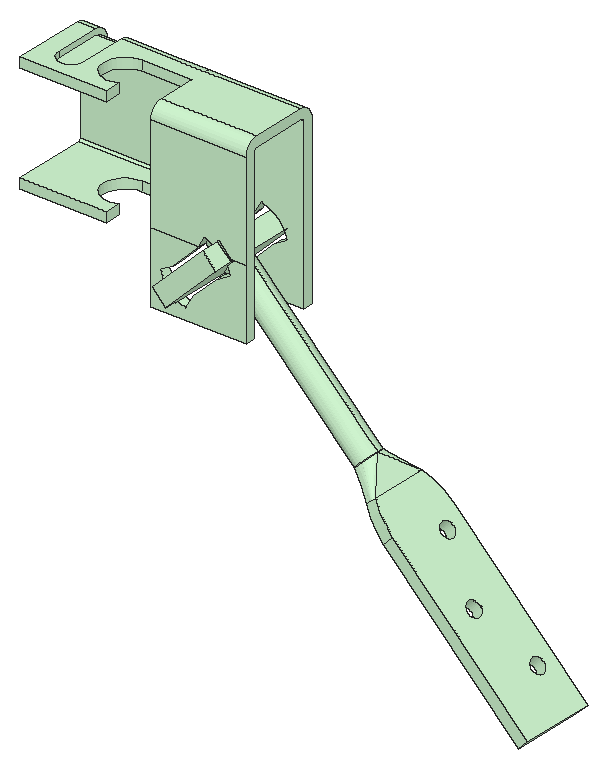
Revit family "UE-box", category 機械設備, Revit 2020
Family settings
  丸型コネクタ寸法 = 直径を使用
  種別 = なし
  パーツ タイプ = 標準
  作業面ベース = いいえ
  常に垂直 = はい
  ロード時にボイドで切り取り = いいえ
  共有 = いいえ
  部屋計算ポイント = いいえ
Parameters
  製造元 = "株式会社桐井製作所"
  既定の高さ = 0 mm
  URL = "https://www.kirii.co.jp/"
  K_角度 [instance] = 45.00°
  K_品名 = "UE-box"
  K_名称 = "斜め部材(ブレース)上部取付金具"
  K_入数 = "100"
  K_備考 = "適用角度:30°~60°"
  K_バージョン情報 = "20211216"
Reference planes
  plane 1 "中心(正面/背面)": y = 0
  plane 2: z = 0
  plane 3 "中心(左/右)": x = 0
  plane 4: x = 14.187
  plane 5: z = -30.647
Forms (mm)
  Extrusion 1, solid
    sketch origin (36.687, 0, 0) x (0, 1, 0) y (0, 0, 1)
      loop
        line (0, -24.5) -> (0, -3.2)
        arc (0, -3.2) -> (-0.937, -0.937) -> (-3.2, 0) r 3.2
        line (-3.2, 0) -> (-20.2, 0) -> (-20.2, -2.3) -> (-2.8, -2.3)
        arc (-2.8, -2.3) -> (-2.446, -2.446) -> (-2.3, -2.8) r 0.5
        line (-2.3, -2.8) -> (-2.3, -24.9)
        arc (-2.3, -24.9) -> (-2.446, -25.254) -> (-2.8, -25.4) r 0.5
        line (-2.8, -25.4) -> (-20.2, -25.4) -> (-20.2, -27.7) -> (-3.2, -27.7)
        arc (-3.2, -27.7) -> (-0.937, -26.763) -> (0, -24.5) r 3.2
    from -52.5 to -22.5
  Extrusion 2, solid
    sketch origin (36.687, 0, 0) x (0, 1, 0) y (0, 0, 1)
      loop
        line (-16.9, -42.5) -> (-16.9, -2.8)
        arc (-16.9, -2.8) -> (-16.754, -2.446) -> (-16.4, -2.3) r 0.5
        line (-16.4, -2.3) -> (-2.8, -2.3)
        arc (-2.8, -2.3) -> (-2.446, -2.446) -> (-2.3, -2.8) r 0.5
        line (-2.3, -2.8) -> (-2.3, -42.5) -> (0, -42.5) -> (0, -3.2)
        arc (0, -3.2) -> (-0.937, -0.937) -> (-3.2, 0) r 3.2
        line (-3.2, 0) -> (-16, 0)
        arc (-16, 0) -> (-18.263, -0.937) -> (-19.2, -3.2) r 3.2
        line (-19.2, -3.2) -> (-19.2, -25.919) -> (-19.2, -42.5) -> (-16.9, -42.5)
    from -22.5 to 0
  Extrusion 3, void
    sketch origin (36.687, 0, 0) x (1, 0, 0) y (0, 1, 0)
      loop
        arc (-34.2, -7.1) -> (-39.2, -12.113) -> (-34.174, -17.1) r 5
        line (-34.174, -17.1) -> (-32.1, -16.462) -> (-32.1, -20.2) -> (-22.5, -20.2) -> (-22.5, -7.1) -> (-34.2, -7.1)
    from -27.7 to 0
  Extrusion 4, void
    sketch origin (36.687, 0, 0) x (1, 0, 0) y (0, 0, 1)
      loop
        arc (-41.2, -7.2) -> (-41.907, -6.907) -> (-42.2, -6.2) r 1
        line (-42.2, -6.2) -> (-42.2, -14.2)
        arc (-42.2, -14.2) -> (-41.907, -13.493) -> (-41.2, -13.2) r 1
        line (-41.2, -13.2) -> (-22.5, -13.2) -> (-16.1, -13.2)
        arc (-16.1, -13.2) -> (-13.979, -12.322) -> (-13.1, -10.2) r 3
        arc (-13.1, -10.2) -> (-13.979, -8.079) -> (-16.1, -7.2) r 3
        line (-16.1, -7.2) -> (-22.5, -7.2) -> (-41.2, -7.2)
      loop
        arc (-45.2, -20.4) -> (-43.079, -19.521) -> (-42.2, -17.4) r 3
        line (-42.2, -17.4) -> (-48.2, -17.4)
        arc (-48.2, -17.4) -> (-47.321, -19.521) -> (-45.2, -20.4) r 3
    from 0 to 1.324
  Extrusion 5, void
    sketch origin (36.687, 0, 0) x (1, 0, 0) y (0, 1, 0)
      loop
        arc (-48.2, -14.2) -> (-47.321, -16.321) -> (-45.2, -17.2) r 3
        arc (-45.2, -17.2) -> (-43.079, -16.321) -> (-42.2, -14.2) r 3
        line (-42.2, -14.2) -> (-48.2, -14.2)
    from -1.335 to 0
  Extrusion 6, void
    sketch origin (36.687, 0, 0) x (1, 0, 0) y (0, 0, 1)
      loop
        line (-14.15, -39.874) -> (-12.345, -36.747) -> (-6.903, -31.305) -> (-3.776, -29.5)
        arc (-3.776, -29.5) -> (-5.99, -25.64) -> (-9.85, -23.426) r 8.5
        line (-9.85, -23.426) -> (-11.655, -26.553) -> (-17.097, -31.995) -> (-20.224, -33.8)
        arc (-20.224, -33.8) -> (-18.01, -37.66) -> (-14.15, -39.874) r 8.5
    from 0 to 20.2
  Extrusion 7, void
    sketch origin (36.687, 0, 0) x (1, 0, 0) y (0, 0, 1)
      loop
        arc (-31, -20.5) -> (-30.854, -20.854) -> (-30.5, -21) r 0.5
        line (-30.5, -21) -> (-25, -21) -> (-25, -13.6) -> (-30.5, -13.6)
        arc (-30.5, -13.6) -> (-30.854, -13.747) -> (-31, -14.1) r 0.5
        line (-31, -14.1) -> (-31, -20.5)
    from 0 to 2.3
  Extrusion 8, solid
    sketch origin (36.687, 0, 0) x (0, 1, 0) y (0, 0, 1)
      loop
        line (-6.1, -13.6) -> (-6.1, -21) -> (-2.3, -21) -> (-2.3, -13.6) -> (-6.1, -13.6)
    from -25 to -22.7
  Extrusion 9, void
    sketch origin (0, 0, 0) x (0, 1, 0) y (0, 0, 1)
      loop
        arc (0, -3.2) -> (-0.937, -0.937) -> (-3.2, 0) r 3.2
        line (-3.2, 0) -> (-14.2, 0) -> (-14.2, -1.332) -> (-3.135, -1.332)
        arc (-3.135, -1.332) -> (-1.991, -1.722) -> (-1.324, -2.729) r 1.872
        line (-1.324, -2.729) -> (-1.324, -17.4) -> (0, -17.4) -> (0, -3.2)
    from -11.513 to -5.513
Cuts and joins
  Extrusion 3, Extrusion 4, Extrusion 5, Extrusion 6, Extrusion 7, Extrusion 9 cuts Extrusion 1
  Extrusion 3, Extrusion 6, Extrusion 9 cuts Extrusion 2
  Extrusion 9 cuts Extrusion 8
  joined: Extrusion 1, Extrusion 2, Extrusion 8
Dimensions and locks
  "K_角度": angle nested 1 to plane 5
  aligned and locked: level to plane 2
  aligned and locked: plane 4 to nested 1
  aligned and locked: plane 5 to nested 1
Automatic sketch dimensions
  Extrusion 1 sketch curve to level = 0 mm
  Extrusion 1 sketch curve to plane 1 "中心(正面/背面)" = 0 mm
  plane 1 "中心(正面/背面)" to Extrusion 1 sketch curve = 2.3 mm
  Extrusion 1 sketch curve to Extrusion 1 sketch curve = 0.5 mm  (x2)
  Extrusion 1 sketch curve to Extrusion 1 sketch curve = 0.4 mm  (x3)
  Extrusion 1 sketch curve to Extrusion 1 sketch curve = 17 mm  (x2)
  Extrusion 1 sketch curve to Extrusion 1 sketch curve = 0 mm
  plane 5 to Extrusion 1 sketch curve = 2.947 mm
  Extrusion 1 sketch curve to Extrusion 1 sketch curve = 0.9 mm
  Extrusion 2 sketch curve to level = 0 mm
  Extrusion 2 sketch curve to plane 1 "中心(正面/背面)" = 0 mm
  plane 1 "中心(正面/背面)" to Extrusion 2 sketch curve = 2.3 mm
  Extrusion 2 sketch curve to Extrusion 2 sketch curve = 0.5 mm
  Extrusion 2 sketch curve to Extrusion 2 sketch curve = 0.4 mm  (x3)
  Extrusion 2 sketch curve to Extrusion 2 sketch curve = 12.8 mm
  Extrusion 2 sketch curve to Extrusion 2 sketch curve = 14.6 mm
  plane 5 to Extrusion 2 sketch curve = 4.728 mm
  Extrusion 2 sketch curve to Extrusion 2 sketch curve = 2.3 mm
  Extrusion 2 sketch curve to plane 5 = 11.853 mm  (x2)
  Extrusion 3 sketch curve to plane 4 = 0 mm
  plane 3 "中心(左/右)" to Extrusion 3 sketch curve = 4.587 mm
  Extrusion 3 sketch curve to Extrusion 3 sketch curve = 0 mm  (x2)
  Extrusion 3 sketch curve to Extrusion 3 sketch curve = 2.074 mm
  plane 3 "中心(左/右)" to Extrusion 3 sketch curve = 2.487 mm
  plane 1 "中心(正面/背面)" to Extrusion 3 sketch curve = 20.2 mm
  Extrusion 3 sketch curve to Extrusion 3 sketch curve = 3.1 mm
  Extrusion 3 sketch curve to Extrusion 3 sketch curve = 0.638 mm
  Extrusion 3 sketch curve to Extrusion 3 sketch curve = 4.362 mm
  plane 1 "中心(正面/背面)" to Extrusion 3 sketch curve = 7.1 mm
  Extrusion 6 sketch curve to Extrusion 6 sketch curve = 0 mm  (x2)
  Extrusion 6 sketch curve to plane 4 = 2.276 mm
  Extrusion 6 sketch curve to plane 5 = 1.348 mm
  Extrusion 6 sketch curve to Extrusion 6 sketch curve = 3.126 mm  (x3)
  Extrusion 6 sketch curve to plane 4 = 8.35 mm
  Extrusion 6 sketch curve to Extrusion 6 sketch curve = 1.805 mm  (x2)
  Extrusion 6 sketch curve to plane 5 = 1.003 mm
  Extrusion 6 sketch curve to Extrusion 6 sketch curve = 0.345 mm  (x2)
  plane 5 to Extrusion 6 sketch curve = 4.094 mm
  Extrusion 6 sketch curve to plane 5 = 0.658 mm
  Extrusion 6 sketch curve to Extrusion 6 sketch curve = 5.097 mm
  plane 5 to Extrusion 6 sketch curve = 1.147 mm
  Extrusion 6 sketch curve to plane 5 = 3.153 mm
  plane 3 "中心(左/右)" to Extrusion 7 sketch curve = 5.687 mm
  Extrusion 7 sketch curve to Extrusion 7 sketch curve = 0.5 mm  (x2)
  plane 4 to Extrusion 7 sketch curve = 2.5 mm
  plane 5 to Extrusion 7 sketch curve = 9.647 mm
  Extrusion 7 sketch curve to Extrusion 7 sketch curve = 6.4 mm
  plane 1 "中心(正面/背面)" to Extrusion 8 sketch curve = 6.1 mm
  plane 1 "中心(正面/背面)" to Extrusion 8 sketch curve = 2.3 mm
  plane 5 to Extrusion 8 sketch curve = 9.647 mm
  Extrusion 8 sketch curve to Extrusion 8 sketch curve = 7.4 mm
  Extrusion 4 sketch curve to Extrusion 4 sketch curve = 0 mm
  plane 4 to Extrusion 4 sketch curve = 0 mm  (x2)
  Extrusion 4 sketch curve to plane 3 "中心(左/右)" = 4.513 mm  (x2)
  Extrusion 4 sketch curve to Extrusion 4 sketch curve = 1 mm
  Extrusion 4 sketch curve to Extrusion 4 sketch curve = 3 mm  (x3)
  Extrusion 4 sketch curve to plane 4 = 6.4 mm
  plane 5 to Extrusion 4 sketch curve = 13.247 mm
  Extrusion 4 sketch curve to Extrusion 4 sketch curve = 3.2 mm
  Extrusion 5 sketch curve to plane 3 "中心(左/右)" = 8.513 mm
  plane 1 "中心(正面/背面)" to Extrusion 5 sketch curve = 14.2 mm
  Extrusion 5 sketch curve to Extrusion 5 sketch curve = 3 mm
  Extrusion 9 sketch curve to level = 0 mm
  Extrusion 9 sketch curve to plane 1 "中心(正面/背面)" = 0 mm
  Extrusion 9 sketch curve to level = 1.332 mm
  plane 1 "中心(正面/背面)" to Extrusion 9 sketch curve = 3.135 mm
  Extrusion 9 sketch curve to Extrusion 9 sketch curve = 0.065 mm
  Extrusion 9 sketch curve to Extrusion 9 sketch curve = 11.065 mm
  Extrusion 9 sketch curve to Extrusion 9 sketch curve = 0.003 mm
  Extrusion 9 sketch curve to Extrusion 9 sketch curve = 14.2 mm
  Extrusion 9 sketch curve to Extrusion 9 sketch curve = 1.324 mm
Nested families
  nested 1: "羽子板ボルト(120)" at (56.613, -8.105, -4.467), type "羽子板ボルト(120)"
Definition of nested family "羽子板ボルト(120)"
  Parameters (values of type "羽子板ボルト(120)")
    Manufacturer = "株式会社桐井製作所"
    Default Elevation = 0 mm
    URL = "https://www.kirii.co.jp/"
    K_品名 = "羽子板ボルトL120"
    K_名称 = "羽子板ボルト"
  Reference planes
    plane 1 "中心(正面/背面)": y = 0
    plane 2: z = 0
    plane 3 "中心(左/右)": x = 0
  Forms (mm)
    Extrusion 1, solid
      sketch origin (-42.426, 0, -17.574) x (0.707107, 0, 0.707107) y (0, 1, 0)
        loop
          circle (0, -0.006) r 3.087
      from 0 to -60
    Extrusion 2, solid
      sketch origin (-42.426, 8.75, -17.574) x (0, 1, 0) y (0.707107, 0, -0.707107)
        loop
          arc (-1.97, 67) -> (-0.5, 70.881) -> (0, 75) r 17.232
          line (0, 75) -> (0, 120) -> (-17.5, 120) -> (-17.5, 75)
          arc (-17.5, 75) -> (-17, 70.881) -> (-15.53, 67) r 17.232
          line (-15.53, 67) -> (-1.97, 67)
        loop
          circle (-5, 79) r 1.9
        loop
          circle (-10.5, 94) r 1.9
        loop
          circle (-5, 109) r 1.9
      from 0 to -3
    Blend 3, solid
      base sketch origin (-42.426, 0, -17.574) x (-0.707107, 0, -0.707107) y (0, -1, 0)
        loop
          line (-3, -6.78) -> (0, -6.78) -> (0, 6.78) -> (-3, 6.78) -> (-3, -6.78)
      top sketch origin (-42.426, 0, -17.574) x (-0.707107, 0, -0.707107) y (0, -1, 0)
        loop
          circle (0, 0) r 3.087
      from -67 to -60
    Extrusion 4, solid
      sketch origin (-62.02, 75.197, -60.574) x (0, -1, 0) y (0.707103, 0, 0.70711)
        loop
          line (61.615, 51.89) -> (61.615, 35.79) -> (85.915, 35.79)
          arc (85.915, 35.79) -> (86.268, 35.937) -> (86.415, 36.29) r 0.5
          line (86.415, 36.29) -> (86.415, 38.09)
          arc (86.415, 38.09) -> (86.561, 38.444) -> (86.915, 38.59) r 0.5
          line (86.915, 38.59) -> (91.415, 38.59) -> (91.415, 55.19) -> (86.915, 55.19)
          arc (86.915, 55.19) -> (86.561, 55.044) -> (86.415, 54.69) r 0.5
          line (86.415, 54.69) -> (86.415, 52.39)
          arc (86.415, 52.39) -> (86.268, 52.037) -> (85.915, 51.89) r 0.5
          line (85.915, 51.89) -> (61.615, 51.89)
        loop
          circle (75.115, 44.14) r 4
      from 0 to 4.5
  Cuts and joins
    joined: Extrusion 2, Blend 3
  Lines and regions (mm)
    reference lines
      curve 1: line (42.426, 0, -102.426) -> (-42.426, 0, -17.574)
  Dimensions and locks
    aligned and locked: level to plane 2
    aligned and locked: curve 1 to cut or joined group of Extrusion 2, Blend 3
